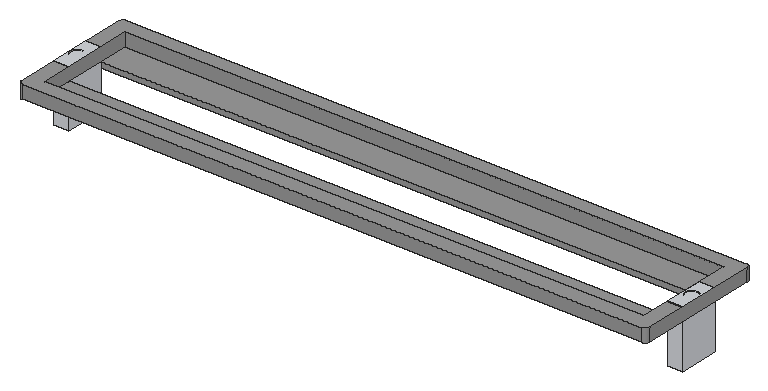
Revit family "Building-ContenitoriParete-GEWISS-46-PANNELLI_DIN", category Attrezzatura elettrica, Revit 2016
Family settings
  Configurazione quadro = Due colonne, circuiti in orizzontale
  Tipo di parte = Pannello comandi
  Quota connettore circolare = Usa diametro
  Numero OmniClass = 23.80.30.11.17
  Titolo OmniClass = Distribution Boards and Control Panels
  Basato su piano di lavoro = Sì
  Sempre verticale = No
  Taglio con vuoti quando caricato = No
  Condiviso = No
  Punto di calcolo locali = Sì
Parameters (values of type "GW46424F - PANNELLO FINESTRATO H1 800MM 36M. F&E")
  Versione file RFA = "18.0"
  URL = "https://www.gewiss.com/it/it"
  Scheda Tecnica = "https://www.gewiss.com/it/it/search?q=GW46424F"
  SEO = "Pannello"
  Default Elevation = 1219.2 mm
  Produttore = "GEWISS S.p.A."
  Per quadri base (mm) = "800"
  Pannello = GEWISS - GRIGIO RAL 7035
  Offset pannello [instance] = 100 mm
  N. mod. EN 50022 = "36"
  Montaggio = "Rapido Fast & Easy"
  Modello = "GW46424F"
  Mains Type = ""
  Lunghezza pannello = 718 mm
  Spessore pannello = 15 mm
  Immagine tipo = GW10015153.jpg
  IFC.TypeObject = ""
  IFC.ExportType = ""
  IFC.ExportAs = ""
  IDT = "7837bfb8-6862-4a92-a47d-c7728688062e"
  IDF = "7bf73fab-e59d-41c5-9cac-a345b746ed2d"
  H_pannello = 149 mm  # constant formula
  H_da terra [instance] = 125.723 mm
  GEWISS SCHEDA TECNICA = "http://pro.gewiss.com/irj/portal/?NavigationTarget=pcd:portal_content/com.gewiss.ZPPFDMain/com.gewiss.ZPPFDITMain/com.gewiss.ZPPFDITMainDefault/com.gewiss.ZPPFDITPages/com.gewiss.ZPPFDITPagesAP/com.gewiss.ZPPFDITPagesAPCatalogo/com.gewiss.ZPPPDITAPProductDetail&codProd=GW46424F"
  Dotazioni = "Accessori di fissaggio"
  Descrizione = "PANNELLO FINESTRATO H1 800MM 36M. F&E"
  Creato da GEWISS S.p.A. = ""
  Colore = "Grigio RAL 7035"
  Codice Electrocod = "0303"
  Codice EAN = "8011564283855"
  Catalogo Serie = "46 QP"
  Catalogo = "BUILDING"
  Caratteristiche = "Halogen free"
  COBie.Tagnumber = ""
  COBie.CreatedOn = ""
  COBie.CreatebBy = ""
  COBie.ComponentRegisterItemID = ""
  COBie.Component.TagNumber = ""
  COBie.Component.Space = ""
  COBie.Component.SerialNumber = ""
  COBie.Component.InstallationDate = ""
  COBie.Component.Description = ""
  COBie.Component.BarCode = ""
  Altezza = "1 Modulo"
  Adatto per: = "46QP - 46QM - 46QX"
Types (6, lengths in mm): name | URL | Scheda Tecnica | Produttore | Per quadri base (mm) | Offset pannello | N. mod. EN 50022 | Modello | Lunghezza pannello | IDT | GEWISS SCHEDA TECNICA | Descrizione | Codice EAN
  (no name) | "http://www.gewiss.com/prv/it_IT/index.html" | "" | "GEWISS" | "" | 215.223 | "" | "GW46420F" | 265 | "" | "http://pro.gewiss.com/irj/portal/?NavigationTarget=pcd:portal_content/com.gewiss.ZPPFDMain/com.gewiss.ZPPFDITMain/com.gewiss.ZPPFDITMainDefault/com.gewiss.ZPPFDITPages/com.gewiss.ZPPFDITPagesAP/com.gewiss.ZPPFDITPagesAPCatalogo/com.gewiss.ZPPPDITAPProductDetail&codProd=GW46420F" | "PANNELLO FINESTRATO H1 310MM 12M. F&E" | ""
  GW46420F - PANNELLO FINESTRATO H1 310MM 12M. F&E | "https://www.gewiss.com/it/it" | "https://www.gewiss.com/it/it/search?q=GW46420F" | "GEWISS S.p.A." | "310" | 215.223 | "12" | "GW46420F" | 265 | "62f59683-fb0d-4f00-8bac-ee95c38b8ae3" | "http://pro.gewiss.com/irj/portal/?NavigationTarget=pcd:portal_content/com.gewiss.ZPPFDMain/com.gewiss.ZPPFDITMain/com.gewiss.ZPPFDITMainDefault/com.gewiss.ZPPFDITPages/com.gewiss.ZPPFDITPagesAP/com.gewiss.ZPPFDITPagesAPCatalogo/com.gewiss.ZPPPDITAPProductDetail&codProd=GW46420F" | "PANNELLO FINESTRATO H1 310MM 12M. F&E" | "8011564283824"
  GW46421F - PANNELLO FINESTRATO H1 405MM 18M. F&E | "https://www.gewiss.com/it/it" | "https://www.gewiss.com/it/it/search?q=GW46421F" | "GEWISS S.p.A." | "405" | 215.223 | "18" | "GW46421F" | 358 | "e5af63f2-2576-4d1e-9360-326377598dbc" | "http://pro.gewiss.com/irj/portal/?NavigationTarget=pcd:portal_content/com.gewiss.ZPPFDMain/com.gewiss.ZPPFDITMain/com.gewiss.ZPPFDITMainDefault/com.gewiss.ZPPFDITPages/com.gewiss.ZPPFDITPagesAP/com.gewiss.ZPPFDITPagesAPCatalogo/com.gewiss.ZPPPDITAPProductDetail&codProd=GW46421F" | "PANNELLO FINESTRATO H1 405MM 18M. F&E" | "8011564283831"
  GW46422F - PANNELLO FINESTRATO H1 515MM 24M. F&E | "https://www.gewiss.com/it/it" | "https://www.gewiss.com/it/it/search?q=GW46422F" | "GEWISS S.p.A." | "515" | 215.223 | "24" | "GW46422F" | 466 | "d38b007b-98fe-451b-92bc-a2e8ab38247a" | "http://pro.gewiss.com/irj/portal/?NavigationTarget=pcd:portal_content/com.gewiss.ZPPFDMain/com.gewiss.ZPPFDITMain/com.gewiss.ZPPFDITMainDefault/com.gewiss.ZPPFDITPages/com.gewiss.ZPPFDITPagesAP/com.gewiss.ZPPFDITPagesAPCatalogo/com.gewiss.ZPPPDITAPProductDetail&codProd=GW46422F" | "PANNELLO FINESTRATO H1 515MM 24M. F&E" | "8011564289819"
  GW46423F - PANNELLO FINESTRATO H1 585MM 28M. F&E | "https://www.gewiss.com/it/it" | "https://www.gewiss.com/it/it/search?q=GW46423F" | "GEWISS S.p.A." | "585" | 215.223 | "28" | "GW46423F" | 538 | "9d9039e6-7180-4eb3-9608-736a6dcb5317" | "http://pro.gewiss.com/irj/portal/?NavigationTarget=pcd:portal_content/com.gewiss.ZPPFDMain/com.gewiss.ZPPFDITMain/com.gewiss.ZPPFDITMainDefault/com.gewiss.ZPPFDITPages/com.gewiss.ZPPFDITPagesAP/com.gewiss.ZPPFDITPagesAPCatalogo/com.gewiss.ZPPPDITAPProductDetail&codProd=GW46423F" | "PANNELLO FINESTRATO H1 585MM 28M. F&E" | "8011564283848"
  GW46424F - PANNELLO FINESTRATO H1 800MM 36M. F&E | "https://www.gewiss.com/it/it" | "https://www.gewiss.com/it/it/search?q=GW46424F" | "GEWISS S.p.A." | "800" | 100 | "36" | "GW46424F" | 718 | "7837bfb8-6862-4a92-a47d-c7728688062e" | "http://pro.gewiss.com/irj/portal/?NavigationTarget=pcd:portal_content/com.gewiss.ZPPFDMain/com.gewiss.ZPPFDITMain/com.gewiss.ZPPFDITMainDefault/com.gewiss.ZPPFDITPages/com.gewiss.ZPPFDITPagesAP/com.gewiss.ZPPFDITPagesAPCatalogo/com.gewiss.ZPPPDITAPProductDetail&codProd=GW46424F" | "PANNELLO FINESTRATO H1 800MM 36M. F&E" | "8011564283855"
Values of the unnamed type that differ from the named types
  Versione file RFA = ""
  SEO = ""
  Montaggio = ""
  IDF = ""
  Dotazioni = ""
  Colore = ""
  Codice Electrocod = ""
  Catalogo Serie = ""
  Catalogo = ""
  Caratteristiche = ""
  Altezza = ""
  Adatto per: = ""
Reference planes
  plane 1 "Centro (Fronte/Retro)": z = 207.723
  plane 2: z = 0
  plane 3 "Centro (Sinistra/Destra)": x = 0
  plane 4: x = -359
  plane 5: x = 359
  plane 6: z = 85
  plane 7: z = 100
  plane 8: y = 82
  plane 9: y = -67
  plane 10: x = -341.956
  plane 11: y = -49.815
  plane 12: y = 64.815
  plane 13: x = 341.956
  plane 14: y = 7.5
  plane 15: z = 34
Forms (mm)
  Extrusion 1, solid, material "GEWISS - GRIGIO RAL 7035" <- "Pannello"
    sketch origin (0, 0, 207.723) x (1, 0, 0) y (0, 1, 0)
      loop
        arc (-354, 82) -> (-357.536, 80.536) -> (-359, 77) r 5
        line (-359, 77) -> (-359, -62)
        arc (-359, -62) -> (-357.536, -65.536) -> (-354, -67) r 5
        line (-354, -67) -> (354, -67)
        arc (354, -67) -> (357.536, -65.536) -> (359, -62) r 5
        line (359, -62) -> (359, 77)
        arc (359, 77) -> (357.536, 80.536) -> (354, 82) r 5
        line (354, 82) -> (-354, 82)
      loop
        line (-341.956, 64.815) -> (-341.956, -49.815) -> (341.956, -49.815) -> (341.956, 64.815) -> (-341.956, 64.815)
    from -122.723 to -107.723
  Extrusion 2, solid, material "GEWISS - GRIGIO RAL 7035" <- "Pannello"
    sketch origin (0, 0, 207.723) x (1, 0, 0) y (0, 1, 0)
      loop
        line (-341.956, 64.815) -> (-341.956, 30.5) -> (341.956, 30.5) -> (341.956, 64.815) -> (-341.956, 64.815)
      loop
        line (-341.956, -15.5) -> (-341.956, -49.815) -> (341.956, -49.815) -> (341.956, -15.5) -> (-341.956, -15.5)
    from -122.723 to -128.791
  Extrusion 3, void
    sketch origin (0, 0, 207.723) x (1, 0, 0) y (0, 1, 0)
      loop
        circle (-351.213, 7.5) r 7.115
      loop
        circle (351.213, 7.5) r 7.115
    from -122.723 to -107.723
  Extrusion 4, solid
    sketch origin (0, 0, 0) x (1, 0, 0) y (0, 1, 0)
      loop
        line (-341.956, 30.5) -> (-359, 30.5) -> (-359, -15.5) -> (-341.956, -15.5) -> (-341.956, 30.5)
      loop
        line (341.956, 30.5) -> (341.956, -15.5) -> (359, -15.5) -> (359, 30.5) -> (341.956, 30.5)
    from 34 to 100
Cuts and joins
  Extrusion 3 cuts Extrusion 1
Dimensions and locks
  equal spacing: plane 4, plane 3 "Centro (Sinistra/Destra)", plane 5
  "Lunghezza pannello": plane 4 to plane 5
  locked: plane 10 to plane 4 at 17.044
  locked: plane 5 to plane 13 at 17.044
  locked: plane 10 to Extrusion 3 sketch curve at 9.256
  locked: Extrusion 3 sketch curve to plane 13 at 9.256
  "Offset pannello": plane 2 to plane 7
  locked: plane 6 to plane 7 at 15
  locked: Extrusion 2 to cut or joined group of Extrusion 1, Extrusion 3 at 21.068
  locked: plane 15 to plane 7 at 66
  aligned and locked: level to plane 2
  aligned and locked: plane 4 to Extrusion 1 sketch curve
  aligned and locked: Extrusion 1 sketch curve to plane 5
  aligned and locked: Extrusion 1 sketch curve to plane 8
  aligned and locked: plane 9 to Extrusion 1 sketch curve
  aligned and locked: Extrusion 1 sketch curve to plane 11
  aligned and locked: Extrusion 1 sketch curve to plane 13
  aligned and locked: Extrusion 1 sketch curve to plane 12
  aligned and locked: plane 10 to Extrusion 1 sketch curve
  aligned and locked: Extrusion 1 to plane 6
  aligned and locked: plane 7 to Extrusion 1
  aligned and locked: Extrusion 2 sketch curve to plane 12
  aligned and locked: plane 10 to Extrusion 2 sketch curve  (x2)
  aligned and locked: Extrusion 2 sketch curve to plane 13  (x2)
  aligned and locked: Extrusion 2 sketch curve to plane 11
  aligned and locked: Extrusion 2 to plane 6
  aligned and locked: Extrusion 3 to plane 6
  aligned and locked: plane 7 to Extrusion 3
  aligned and locked: plane 14 to Extrusion 3 sketch curve  (x2)
  aligned and locked: Extrusion 4 sketch curve to Extrusion 2  (x3)
  aligned and locked: plane 10 to Extrusion 4 sketch curve
  aligned and locked: Extrusion 4 sketch curve to plane 4
  aligned and locked: plane 13 to Extrusion 4 sketch curve
  aligned and locked: Extrusion 4 sketch curve to plane 5
  aligned and locked: Extrusion 2 to Extrusion 4 sketch curve
  aligned and locked: Extrusion 4 to plane 7
  aligned and locked: cut or joined group of Extrusion 1, Extrusion 3 to Extrusion 4
  aligned and locked: Extrusion 4 to plane 15
Automatic sketch dimensions
  plane 4 to Extrusion 1 sketch curve = 5 mm
  Extrusion 1 sketch curve to Extrusion 1 sketch curve = 5 mm
  Extrusion 1 sketch curve to plane 5 = 5 mm  (x2)
  Extrusion 2 sketch curve to plane 14 = 23 mm
  plane 14 to Extrusion 2 sketch curve = 23 mm
  radius of Extrusion 3 sketch curve = 7.115 mm  (x2)
